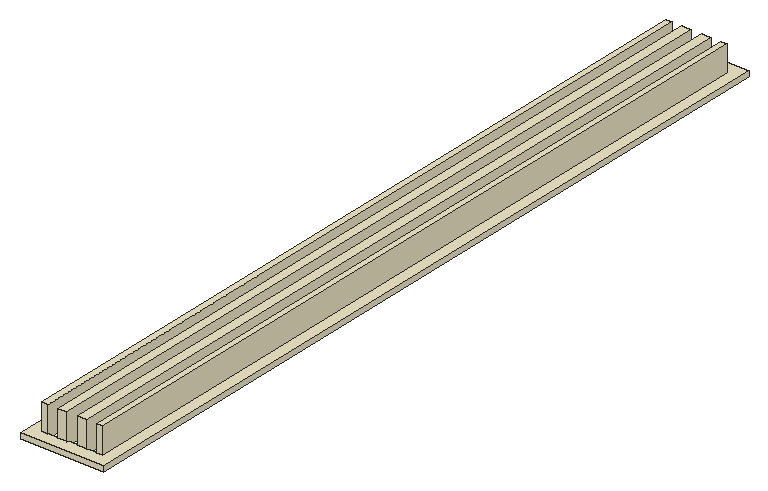
Revit family "3-Slot Diffuser(Return)", category Air Terminals, Revit 2013
Parameters
  Slot Width [instance] = 20 mm
  Slot Height [instance] = 50 mm
  Slot = Grille
  Plenum Length [instance] = 1500 mm
  Diffuser Service [instance] = "RLD3"
  Air Flow [instance] = 0.0 L/s
Reference planes
  plane 1 "Center (Front/Back)": y = 0
  plane 2: z = 0
  plane 3 "Center (Left/Right)": x = 0
  plane 4: z = -10
  plane 5: z = 50
  plane 6 "Flexible Top": z = 300
  plane 7: x = -125
  plane 8 "Flexible-Side": x = 125
  plane 9: z = 175
  plane 10 "Plenum End": y = 750
  plane 11 "Plenum Start": y = -750
  plane 12: x = -10
  plane 13: x = -28
  plane 14: x = -48
  plane 15: x = -58
  plane 16: x = 10
  plane 17: x = 28
  plane 18: x = 48
  plane 19: x = 58
  plane 20: y = -775
  plane 21: y = 775
  plane 22: x = -80
  plane 23: x = 80
  plane 24: y = -350
  plane 25: y = 350
Forms (mm)
  Extrusion 1, solid, material "Grille"
    sketch origin (0, -750, 0) x (-1, 0, 0) y (0, 0, 1)
      loop
        line (80, -10) -> (80, 0) -> (58, 0) -> (58, 50) -> (48, 50) -> (48, -10) -> (80, -10)
      loop
        line (28, -10) -> (28, 50) -> (10, 50) -> (10, -10) -> (28, -10)
      loop
        line (-10, 50) -> (-28, 50) -> (-28, -10) -> (-10, -10) -> (-10, 50)
      loop
        line (-48, 50) -> (-58, 50) -> (-58, 0) -> (-80, 0) -> (-80, -10) -> (-48, -10) -> (-48, 50)
    from 0 to 1500 <- "Plenum Length"
  Extrusion 2, solid, material "Grille"
    sketch origin (0, 0, 0) x (1, 0, 0) y (0, 1, 0)
      loop
        line (-80, -775) -> (80, -775) -> (80, -750) -> (-80, -750) -> (-80, -775)
    from 0 to -10
  Extrusion 3, solid, material "Grille"
    sketch origin (0, 0, 0) x (1, 0, 0) y (0, 1, 0)
      loop
        line (-80, 750) -> (80, 750) -> (80, 775) -> (-80, 775) -> (-80, 750)
    from 0 to -10
Cuts and joins
  joined: Extrusion 1, Extrusion 2, Extrusion 3
Lines and regions (mm)
  symbolic lines, style "Supply Diff"
    curve 1: line (-80, 750, 300) -> (-80, -750, 300)
    curve 2: line (80, 750, 300) -> (80, -750, 300)
    curve 3: line (-28, 750, 300) -> (-28, -750, 300)
    curve 4: line (28, -750, 300) -> (28, 750, 300)
  symbolic lines
    curve 5: line (-80, 750, 0) -> (80, 750, 0)
    curve 6: line (80, 750, 0) -> (80, -750, 0)
    curve 7: line (80, -750, 0) -> (-80, -750, 0)
    curve 8: line (-80, -750, 0) -> (-80, 750, 0)
    curve 9: line (-28, 750, 0) -> (-28, -750, 0)
    curve 10: line (28, -750, 0) -> (28, 750, 0)
Dimensions and locks
  locked: level to plane 4 at 10
  "Slot Height": plane 5 to level
  equal spacing: plane 6 "Flexible Top", plane 9, plane 5
  plane 6 "Flexible Top" to plane 5 = 250 mm
  equal spacing: plane 8 "Flexible-Side", plane 3 "Center (Left/Right)", plane 7
  plane 8 "Flexible-Side" to plane 7 = 250 mm
  equal spacing: plane 10 "Plenum End", plane 1 "Center (Front/Back)", plane 11 "Plenum Start"
  "Plenum Length": plane 10 "Plenum End" to plane 11 "Plenum Start"
  locked: plane 21 to plane 10 "Plenum End" at 25
  locked: plane 11 "Plenum Start" to plane 20 at 25
  equal spacing: plane 16, plane 3 "Center (Left/Right)", plane 12
  "Slot Width": plane 16 to plane 12
  locked: plane 12 to plane 13 at 18
  "Slot Width": plane 13 to plane 14
  locked: plane 14 to plane 15 at 10
  locked: plane 15 to plane 22 at 22
  locked: plane 17 to plane 16 at 18
  "Slot Width": plane 18 to plane 17
  locked: plane 19 to plane 18 at 10
  locked: plane 23 to plane 19 at 22
  equal spacing: plane 24, plane 1 "Center (Front/Back)", plane 25
  plane 24 to plane 25 = 700 mm
  aligned and locked: level to plane 2
Automatic sketch dimensions
  Extrusion 1 sketch curve to level = 0 mm  (x2)
  Extrusion 1 sketch curve to plane 23 = 0 mm
  Extrusion 1 sketch curve to plane 5 = 0 mm  (x4)
  Extrusion 1 sketch curve to plane 19 = 0 mm
  Extrusion 1 sketch curve to plane 18 = 0 mm
  Extrusion 1 sketch curve to plane 17 = 0 mm
  Extrusion 1 sketch curve to plane 4 = 0 mm  (x4)
  Extrusion 1 sketch curve to plane 16 = 0 mm
  Extrusion 1 sketch curve to plane 12 = 0 mm
  Extrusion 1 sketch curve to plane 13 = 0 mm
  Extrusion 1 sketch curve to plane 14 = 0 mm
  Extrusion 1 sketch curve to plane 15 = 0 mm
  Extrusion 1 sketch curve to plane 22 = 0 mm
  Extrusion 2 sketch curve to plane 11 "Plenum Start" = 0 mm
  Extrusion 2 sketch curve to plane 22 = 0 mm
  Extrusion 2 sketch curve to plane 20 = 0 mm
  Extrusion 2 sketch curve to plane 23 = 0 mm
  Extrusion 3 sketch curve to plane 21 = 0 mm
  Extrusion 3 sketch curve to plane 22 = 0 mm
  Extrusion 3 sketch curve to plane 23 = 0 mm
  Extrusion 3 sketch curve to plane 10 "Plenum End" = 0 mm
  curve 2 to plane 23 = 0 mm
  curve 4 to plane 17 = 0 mm
  curve 3 to plane 13 = 0 mm
  curve 1 to plane 22 = 0 mm
  curve 3 to plane 10 "Plenum End" = 0 mm
  curve 1 to plane 10 "Plenum End" = 0 mm
  curve 2 to plane 10 "Plenum End" = 0 mm
  curve 4 to plane 10 "Plenum End" = 0 mm
  curve 3 to plane 11 "Plenum Start" = 0 mm
  curve 4 to plane 11 "Plenum Start" = 0 mm
  curve 2 to plane 11 "Plenum Start" = 0 mm
  curve 1 to plane 11 "Plenum Start" = 0 mm
  curve 5 to plane 22 = 0 mm
  curve 6 to plane 23 = 0 mm
  curve 9 to plane 13 = 0 mm
  curve 10 to plane 10 "Plenum End" = 0 mm
  curve 10 to plane 17 = 0 mm
  curve 10 to plane 11 "Plenum Start" = 0 mm
